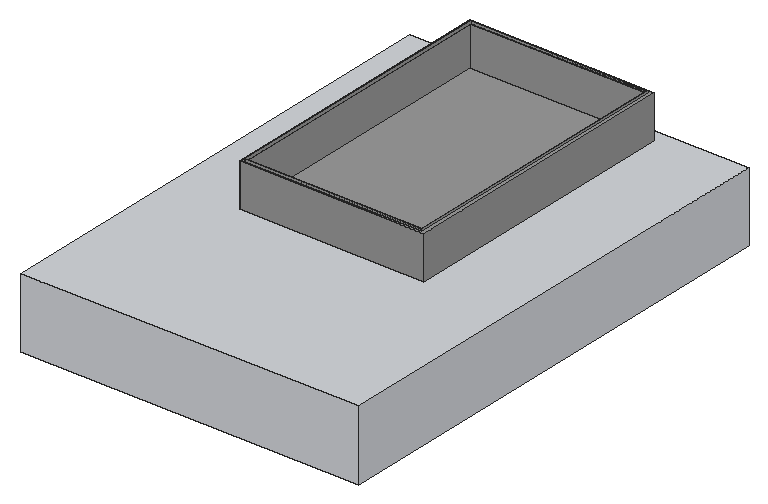
Revit family "Hager-Univers-IP30-D205-H1250-Cl.II-Encl-CH-en", category Equipement électrique, Revit 2020
Family settings
  Hôte = Face
  Configuration du panneau = Deux colonnes, circuits au sein
  Cote de connecteur circulaire = Utiliser le diamètre
  Type d'élément = Tableau de raccordement
  Couper avec des vides une fois chargée = Non
  Partagée = Non
  Point de calcul de pièce = Non
Parameters (values of type "Surface mounted (plaster) IP30 W800 H1250 D205  - FP83Q1S")
  Width Control [instance] = if([EF000008 - Width] > Min Width, [EF000008 - Width], Min Width)  # 800 mm
  Commentaires du type = [HG000003 - Range]  # "Univers"
  Thickness Door [instance] = if([EF009171 - Material plate thickness door/cover] > 3 mm, 3 mm, [EF009171 - Material plate thickness door/cover])  # 1 mm
  Seal Frame Offset [instance] = 17 mm  # constant formula
  Plinth Visibility [instance] = [HG000027 - Plinth height] > 0 mm  # no
  Model = ""
  Min Width [instance] = 100 mm  # constant formula
  Min Height [instance] = 100 mm  # constant formula
  Min Depth [instance] = (2 * [EF009170 - Material plate thickness cabinet]) + 1 mm  # 3 mm
  Internal Frame Depth [instance] = (Door System Depth * 0.5)  # 9 mm
  Height Control [instance] = if([EF000040 - Height] > Min Height, [EF000040 - Height], Min Height)  # 1250 mm
  HG000027 - Plinth height = 0 mm
  HG000026 - Floor standing = no
  HG000024 - Bottom section height = 800 mm
  HG000023 - Double section enclosure = no
  HG000016 - Door 3d visibility [instance] = yes
  HG000015 - Clearance visibility [instance] = no
  HG000014 - Door on the right [instance] = yes
  HG000013 - Door on the left [instance] = not([HG000014 - Door on the right])  # no
  HG000012 - Door swing angle [instance] = 30.00°
  HG000010 - Asymmetric doors = no
  HG000009 - Double swing door = no
  HG000006 - Flush mounted = no
  HG000004 - Manufacturer reference = "FP83Q1S"
  HG000003 - Range = "Univers"
  HG000002 - With door or cover = no
  Frame Offset Bottom [instance] = 10 mm  # constant formula
  Frame Offset [instance] = 15 mm  # constant formula
  EF015940 - Cover with overpressure release = no
  EF011959 - Degree of protection (NEMA) = ""
  EF009554 - Number of openings for flange plates = 6
  EF009212 - Cover model = "EV009916 - With notch"
  EF009171 - Material plate thickness door/cover = 1 mm
  EF009170 - Material plate thickness cabinet = 1 mm
  Fabricant = "Hager"  # constant formula
  EF008873 - Nominal current (In) = 250 A
  EF007800 - Suitable for lightning protection = no
  EF006306 - With lock = no
  EF006244 - Transparent cover/door = no
  EF005474 - Degree of protection (IP) = "EV006410 - IP30"
  EF004464 - Type of door = "EV000494 - None"
  EF004427 - Number of modules = 288
  EF004293 - Impact strength = "EV006813 - IK07"
  EF003532 - Suitable for outdoor use = no
  EF002950 - Width in number of modular spacings = 36
  EF001613 - Circuit integrity = "EV000494 - None"
  EF001596 - Material housing = "EV000179 - Steel"
  EF001131 - Internal depth = 130 mm
  EF001088 - Extension possible = yes
  EF000437 - Number of conduit inlets = 6
  EF000339 - Type of cover = "EV000494 - None"
  EF000266 - Number of rows = 8
  EF000218 - Built-in depth = 0 mm
  EF000118 - With mounting plate = no
  EF000116 - RAL-number = "9010"
  EF000049 - Depth = 205 mm
  EF000040 - Height = 1250 mm
  EF000008 - Width = 800 mm
  EF000007 - Colour = "EV000202 - White"
  EF000003 - Mounting method = "EV000384 - Surface mounted (plaster)"
  Door System Leaf Tolerance [instance] = 1.5 mm  # constant formula
  Door System Depth [instance] = 18 mm  # constant formula
  Door Height [instance] = Height Control - [HG000027 - Plinth height]  # 1250 mm
  Depth Control [instance] = if([EF000049 - Depth] > Min Depth, [EF000049 - Depth], Min Depth)  # 205 mm
  Default Elevation = 0 mm
  Connector Offset [instance] = Height Control / 2  # 625 mm
  Bottom Top Plate Trim [instance] = 1.5 mm  # constant formula
  Plinth height Ctrl [instance] = if([HG000027 - Plinth height] > 0 mm, [HG000027 - Plinth height], 12 mm)  # 12 mm
Types (5, lengths in mm): name | Width Control | HG000004 - Manufacturer reference | EF009554 - Number of openings for flange plates | EF004427 - Number of modules | EF002950 - Width in number of modular spacings | EF000437 - Number of conduit inlets | EF000008 - Width
  Surface mounted (plaster) IP30 W1050 H1250 D205  - FP84Q1S | 1050 | "FP84Q1S" | 8 | 384 | 48 | 8 | 1050
  Surface mounted (plaster) IP30 W1300 H1250 D205  - FP85Q1S | 1300 | "FP85Q1S" | 10 | 480 | 60 | 10 | 1300
  Surface mounted (plaster) IP30 W300 H1250 D205  - FP81Q1S | 300 | "FP81Q1S" | 2 | 96 | 12 | 2 | 300
  Surface mounted (plaster) IP30 W550 H1250 D205  - FP82Q1S | 550 | "FP82Q1S" | 4 | 192 | 24 | 4 | 550
  Surface mounted (plaster) IP30 W800 H1250 D205  - FP83Q1S | 800 | "FP83Q1S" | 6 | 288 | 36 | 6 | 800
Reference planes
  plane 1 "Center (Front/Back)": y = 0
  plane 2: z = 0
  plane 3 "Center (Left/Right)": x = 0
  plane 4: z = 205
  plane 5: y = 1
  plane 6: y = 625
  plane 7: y = 0
  plane 8: y = 1250
  plane 9: z = 0
  plane 10: x = -385
  plane 11: x = 385
  plane 12: x = 384
  plane 13: x = -384
  plane 14: y = 1249
  plane 15: x = -383
  plane 16: x = -400
  plane 17: x = 383
  plane 18: x = 400
  plane 19: x = 399
  plane 20: x = -399
  plane 21: y = 11
  plane 22: y = 1250
  plane 23: y = 1234
  plane 24: z = 187
  plane 25: z = 1
  plane 26: z = 186
  plane 27: z = 204
Forms (mm)
  Extrusion 1, solid
    sketch origin (0, 0, 0) x (1, 0, 0) y (0, 1, 0)
      loop
        line (-702.964, 1305) -> (-702.964, -811.445) -> (766.763, -811.445) -> (766.763, 1305) -> (-702.964, 1305)
    from 0 to -304.8
  Extrusion 2, solid, material "Hager_Steel_RAL7035_Light_Grey", visible <- "Plinth Visibility", detail levels medium+fine
    sketch origin (0, 0, 0) x (1, 0, 0) y (0, 1, 0)
      loop
        line (-400, 0) -> (400, 0) -> (400, 12) -> (-400, 12) -> (-400, 0)
    from 0 to 187
  Extrusion 3, solid, material "Hager_Steel_RAL7035_Light_Grey", detail levels medium+fine
    sketch origin (0, 0, 0) x (1, 0, 0) y (0, 1, 0)
      loop
        line (-400, 0) -> (400, 0) -> (400, 1250) -> (-400, 1250) -> (-400, 0)
    from 0 to 187
  Extrusion 4, void
    sketch origin (0, 0, 0) x (1, 0, 0) y (0, 1, 0)
      loop
        line (-399, 1) -> (399, 1) -> (399, 1249) -> (-399, 1249) -> (-399, 1)
    from 1 to 186
  Extrusion 5, void
    sketch origin (-381.607, -4572, 187) x (0, -1, 0) y (-1, 0, 0)
      loop
        line (-4583, 2.393) -> (-5806, 2.393) -> (-5806, -765.607) -> (-4583, -765.607) -> (-4583, 2.393)
    from 0 to 1 <- "EF009170 - Material plate thickness cabinet"
  Extrusion 6, solid, material "Hager_Steel_RAL7035_Light_Grey", detail levels fine
    sketch origin (0, 0, 187) x (1, 0, 0) y (0, 1, 0)
      loop
        line (-384, 1234) -> (-384, 11) -> (384, 11) -> (384, 1234) -> (-384, 1234)
      loop
        line (-385, 10) -> (385, 10) -> (385, 1235) -> (-385, 1235) -> (-385, 10)
    from 0 to 9 <- "Internal Frame Depth"
  Extrusion 7, solid, material "Hager_Steel_RAL7035_Light_Grey", detail levels coarse
    sketch origin (0, 0, 0) x (1, 0, 0) y (0, 1, 0)
      loop
        line (-400, 0) -> (400, 0) -> (400, 1250) -> (-400, 1250) -> (-400, 0)
    from 0 to 205
  Sweep 8, void
    path in 3D
      loop
        line (-400, 12, 0) -> (400, 12, 0) -> (400, 12, 187) -> (-400, 12, 187) -> (-400, 12, 0)
    profile origin (-400, 12, 93.5) x (-1, 0, 0) y (0, -1, 0)
      loop
        line (0, 0) -> (0, 1.5) -> (-1.5, 1.5)
        arc (-1.5, 1.5) -> (-1.061, 0.439) -> (0, 0) r 1.5
Cuts and joins
  Extrusion 4, Extrusion 5 cuts Extrusion 3
  Sweep 8 cuts Extrusion 2
Lines and regions (mm)
  Masking region 1
    outline origin (0, 0, 0) x (1, 0, 0) y (0, 0, 1)
      loop
        line (-400, 205) -> (-400, 0) -> (400, 0) -> (400, 205) -> (-400, 205)
  Masking region 2, detail levels medium+fine
    outline origin (0, 140, 0) x (0, 1, 0) y (0, 0, 1)
      loop
        line (-140, 0) -> (1110, 0) -> (1110, 187) -> (-140, 187) -> (-140, 0)
  Masking region 3, not visible, detail levels medium+fine
    outline origin (0, 297.922, 0) x (0, 1, 0) y (0, 0, 1)
      loop
        line (338.578, 0) -> (378.578, 0) -> (378.578, 194)
        arc (378.578, 194) -> (375.649, 201.071) -> (368.578, 204) r 10
        line (368.578, 204) -> (338.578, 204) -> (338.578, 0)
  Masking region 4, detail levels coarse
    outline origin (0, 0, 180) x (0, 1, 0) y (0, 0, 1)
      loop
        line (0, -180) -> (1250, -180) -> (1250, 25) -> (0, 25) -> (0, -180)
  Masking region 5, visible <- "Plinth Visibility", detail levels medium+fine
    outline origin (0, 52.24, 12.345) x (0, 0, -1) y (0, 1, 0)
      loop
        line (10.845, -40.24) -> (-173.155, -40.24)
        arc (-173.155, -40.24) -> (-173.594, -41.301) -> (-174.655, -41.74) r 1.5
        line (-174.655, -41.74) -> (-174.655, -52.24) -> (12.345, -52.24) -> (12.345, -41.74)
        arc (12.345, -41.74) -> (11.285, -41.301) -> (10.845, -40.24) r 1.5
  Masking region 6, detail levels medium+fine
    outline origin (-381.607, -4572, 187) x (-1, 0, 0) y (0, -1, 0)
      loop
        line (18.393, -5822) -> (18.393, -4572) -> (-781.607, -4572) -> (-781.607, -5822) -> (18.393, -5822)
  Masking region 7, visible <- "Plinth Visibility", detail levels medium+fine
    outline origin (-381.607, -4727, 187) x (-1, 0, 0) y (0, -1, 0)
      loop
        arc (16.893, -4739) -> (17.332, -4737.939) -> (18.393, -4737.5) r 1.5
        line (18.393, -4737.5) -> (18.393, -4727) -> (-781.607, -4727) -> (-781.607, -4737.5)
        arc (-781.607, -4737.5) -> (-780.546, -4737.939) -> (-780.107, -4739) r 1.5
        line (-780.107, -4739) -> (16.893, -4739)
  Masking region 8, detail levels coarse
    outline origin (-442.548, -4669.526, 187) x (-1, 0, 0) y (0, -1, 0)
      loop
        line (-42.548, -5919.526) -> (-42.548, -4669.526) -> (-842.548, -4669.526) -> (-842.548, -5919.526) -> (-42.548, -5919.526)
  sketch lines
    curve 1: line (-400, 12, 187) -> (-400, 12, 0)
    curve 2: line (400, 12, 187) -> (-400, 12, 187)
    curve 3: line (400, 12, 187) -> (400, 12, 0)
    curve 4: line (-400, 12, 0) -> (400, 12, 0)
Dimensions and locks
  "Depth Control": plane 4 to Extrusion 1
  "HG000027 - Plinth height": plane 1 "Center (Front/Back)" to plane 7
  "EF009170 - Material plate thickness cabinet": plane 5 to plane 7
  locked: connector elem to plane 3 "Center (Left/Right)"
  equal spacing: plane 8, plane 6, plane 7
  locked: connector elem to plane 6
  "EF009170 - Material plate thickness cabinet": plane 8 to plane 14
  "EF009170 - Material plate thickness cabinet": plane 10 to plane 13
  "EF009170 - Material plate thickness cabinet": plane 12 to plane 11
  "Frame Offset": plane 20 to plane 13
  "Frame Offset": plane 12 to plane 19
  "EF009170 - Material plate thickness cabinet": plane 16 to plane 20
  "EF009170 - Material plate thickness cabinet": plane 19 to plane 18
  "Seal Frame Offset": plane 16 to plane 15
  "Seal Frame Offset": plane 17 to plane 18
  "Frame Offset Bottom": plane 21 to plane 5
  "Frame Offset": plane 14 to plane 23
  equal spacing: plane 16, plane 3 "Center (Left/Right)", plane 18
  "Width Control": plane 16 to plane 18
  "EF009170 - Material plate thickness cabinet": plane 4 to plane 27
  "EF009170 - Material plate thickness cabinet": plane 24 to plane 26
  "EF009170 - Material plate thickness cabinet": plane 25 to level
  "Door System Depth": plane 4 to plane 24
  "Height Control": plane 1 "Center (Front/Back)" to Extrusion 7 sketch curve
  "Height Control": Masking region 4 sketch curve to plane 1 "Center (Front/Back)"
  "Height Control": plane 1 "Center (Front/Back)" to plane 22
  "Bottom Top Plate Trim": profile plane to Sweep 8 sketch curve
  "Bottom Top Plate Trim": Sweep 8 sketch curve to profile plane
  "Plinth height Ctrl": plane 1 "Center (Front/Back)" to Extrusion 2 sketch curve
  "Plinth height Ctrl": Masking region 5 sketch curve to plane 1 "Center (Front/Back)"
  "Plinth height Ctrl": plane 1 "Center (Front/Back)" to Masking region 7 sketch curve
  "Thickness Door": Extrusion 6 sketch curve to Extrusion 6 sketch curve  (x3)
  "Thickness Door": cut or joined group of Extrusion 3, Extrusion 4, Extrusion 5 to Extrusion 6 sketch curve
  radius of Masking region 3 sketch curve = 10 mm
  "Bottom Top Plate Trim": radius of Masking region 5 sketch curve  (x2)
  "Bottom Top Plate Trim": radius of Sweep 8 sketch curve
  "Bottom Top Plate Trim": radius of Masking region 7 sketch curve  (x2)
  aligned and locked: plane 2 to Extrusion 1
  aligned and locked: level to Extrusion 1
  aligned and locked: level to Masking region 1 sketch curve
  aligned and locked: Masking region 1 sketch curve to plane 18
  aligned and locked: Masking region 1 sketch curve to plane 16
  aligned and locked: plane 7 to Masking region 2 sketch curve
  aligned and locked: level to Masking region 3 sketch curve
  aligned and locked: Masking region 3 sketch curve to plane 27
  aligned and locked: level to Masking region 2 sketch curve
  aligned and locked: plane 1 "Center (Front/Back)" to Extrusion 2 sketch curve
  aligned and locked: Extrusion 3 sketch curve to plane 7
  aligned and locked: plane 16 to Extrusion 3 sketch curve
  aligned and locked: plane 18 to Extrusion 3 sketch curve
  aligned and locked: plane 20 to Extrusion 4 sketch curve
  aligned and locked: plane 19 to Extrusion 4 sketch curve
  aligned and locked: Extrusion 4 sketch curve to plane 5
  aligned and locked: Extrusion 4 to plane 25
  aligned and locked: plane 26 to Extrusion 4
  aligned and locked: plane 24 to Extrusion 3
  aligned and locked: Extrusion 5 sketch curve to plane 21
  aligned and locked: Extrusion 5 sketch curve to plane 13
  aligned and locked: Extrusion 5 sketch curve to plane 12
  aligned and locked: plane 18 to Extrusion 7 sketch curve
  aligned and locked: plane 1 "Center (Front/Back)" to Extrusion 7 sketch curve
  aligned and locked: plane 16 to Extrusion 7 sketch curve
  aligned and locked: plane 4 to Extrusion 7
  aligned and locked: Extrusion 7 to level
  aligned and locked: level to Masking region 4 sketch curve
  aligned and locked: Masking region 4 sketch curve to plane 1 "Center (Front/Back)"
  aligned and locked: Masking region 4 sketch curve to plane 4
  aligned and locked: nested 1 to level
  aligned and locked: nested 1 to plane 16
  aligned and locked: plane 8 to Extrusion 3 sketch curve
  aligned and locked: plane 23 to Extrusion 5 sketch curve
  aligned and locked: plane 14 to Extrusion 4 sketch curve
  aligned and locked: Masking region 2 sketch curve to plane 8
  aligned and locked: level to Masking region 5 sketch curve
  aligned and locked: plane 16 to Extrusion 2 sketch curve
  aligned and locked: plane 18 to Extrusion 2 sketch curve
  aligned and locked: Masking region 5 sketch curve to plane 24
  aligned and locked: Masking region 2 sketch curve to plane 24
  aligned and locked: plane 24 to Extrusion 2
  aligned and locked: profile plane to Sweep 8 sketch curve  (x2)
  aligned and locked: Masking region 6 sketch curve to plane 18
  aligned and locked: Masking region 6 sketch curve to plane 22
  aligned and locked: Masking region 6 sketch curve to plane 16
  aligned and locked: plane 8 to plane 22
  aligned and locked: Masking region 6 sketch curve to plane 7
  aligned and locked: Masking region 7 sketch curve to plane 16
  aligned and locked: Masking region 7 sketch curve to plane 1 "Center (Front/Back)"
  aligned and locked: Masking region 7 sketch curve to plane 18
  aligned and locked: Masking region 8 sketch curve to plane 1 "Center (Front/Back)"
  aligned and locked: Masking region 8 sketch curve to plane 18
  aligned and locked: Masking region 8 sketch curve to plane 22
  aligned and locked: Masking region 8 sketch curve to plane 16
  aligned and locked: nested 2 to plane 7
  aligned and locked: plane 3 "Center (Left/Right)" to nested 2
  aligned and locked: nested 2 to plane 24
  aligned and locked: Extrusion 6 sketch curve to cut or joined group of Extrusion 3, Extrusion 4, Extrusion 5  (x4)
Automatic sketch dimensions
  Extrusion 1 sketch curve to Extrusion 1 sketch curve = 1469.727 mm
  Extrusion 1 sketch curve to Extrusion 1 sketch curve = 2116.445 mm
  Masking region 1 sketch curve to plane 4 = 0 mm
  plane 6 to Masking region 3 sketch curve = 11.5 mm
  Masking region 3 sketch curve to Masking region 3 sketch curve = 30 mm
  Masking region 5 sketch curve to plane 1 "Center (Front/Back)" = 0 mm
Nested families
  nested 1: "Hager_Enclosure_Symbol" at (-400, 0, 0) x (1, 0, 0) z (0, -1, 0), Height <- "Depth Control", Width <- "Width Control", type "Hager_Enclosure_Symbol"
    with Width_Ctrl 800 mm, Width 800 mm, Height_Ctrl 205 mm, Height 205 mm, A_Width_Int 13.453 mm, A_Width 161.438 mm, A_Height_Ctrl 179.375 mm, A_Height 179.375 mm
  nested 2: "EC000058_Univers_Door" at (0, 0, 187) x (1, 0, 0) z (0, 1, 0), Leaf_Tolerance <- "Door System Leaf Tolerance", Angle <- "HG000012 - Door swing angle", Door_Depth <- "Door System Depth", Door_Left <- "HG000013 - Door on the left", Transparent <- "EF006244 - Transparent cover/door", Assymetrical <- "HG000010 - Asymmetric doors", Width <- "Width Control", Clearance <- "HG000015 - Clearance visibility", Double <- "HG000009 - Double swing door", 3d_Door <- "HG000016 - Door 3d visibility", Lock_Visibility <- "EF006306 - With lock", Width_Ctrl <- "Width Control", Door_Right <- "HG000014 - Door on the right", Door <- "HG000002 - With door or cover", Height <- "Door Height", Thickness <- "Thickness Door", type "EC000058_Univers_Door", detail levels medium+fine
    with min_wh 3 mm, Width_Ctrl 800 mm, Width 800 mm, Transparent no, Thickness 1 mm, Seal_Material Hager_Rubber, Lock_Visibility no, Lock_Material Hager_Plastic_RAL9005_Jet_Black, Leaf_Width 800 mm, Leaf_Tolerance_External_Sides 0 mm, Leaf_Tolerance 1.5 mm, Leaf_Offset 0 mm, Leaf_Height 1247 mm, Leaf_2_Width 800 mm, Leaf_2_Offset 400 mm, Leaf_1_Width 800 mm, Leaf_1_Offset 400 mm, Height_Ctrl 1250 mm, Height 1250 mm, Glass_Material Hager_Glass, Double_Clearance_Ctrl no, Double no, Door_Right_Ctrl no, Door_Right yes, Door_Material Hager_Steel_RAL7035_Light_Grey, Door_Left_Ctrl no, Door_Left no, Door_Depth 18 mm, Door no, Clearance_Material Hager_Clearance, Clearance_Depth 800 mm, Clearance_Ctrl no, Clearance no, Assymetrical no, Angle 30.00°, 3d_Door yes
Connectors
  electrical at (0, 625, 0)
    settings: on plane 9, index 1, voltage 0 V, apparent load 0 VA, apparent load phase1 0 VA, apparent load phase2 0 VA, apparent load phase3 0 VA, power factor 1, load classification "Other", number of poles 1, system type 30, power factor state 1, is connector primary yes, connector utility no, sub classification motor no, connector description ""
Definition of nested family "Hager_Enclosure_Symbol"
  Parameters (values of type "Hager_Enclosure_Symbol")
    Width_Ctrl [instance] = if(Width > 1 mm, Width, 1 mm)  # 102.27 mm
    Width [instance] = 102.27 mm
    Height_Ctrl [instance] = if(Height > 1 mm, Height, 1 mm)  # 66.5 mm
    A_Width_Int [instance] = if(A_Width / 12 > 2 mm, A_Width / 12, 2 mm)  # 4.364 mm
    A_Width [instance] = if(A_Height_Ctrl * 0.9 > 2 mm, A_Height_Ctrl * 0.9, 2 mm)  # 52.369 mm
    A_Height_Ctrl [instance] = if(A_Height > 2 mm, A_Height, 2 mm)  # 58.188 mm
    Height [instance] = 66.5 mm
    A_Height [instance] = Height - (Height / 8)  # 58.188 mm
  Reference planes
    plane 1 "Centre (avant/arrière)": y = 0
    plane 2: z = 0
    plane 3 "Centre (gauche/droite)": x = 0
    plane 4: x = 52.369
    plane 5: y = 33.042
    plane 6: y = 41.77
    plane 7: y = 66.5
    plane 8: x = 26.184
    plane 9: y = 37.406
    plane 10: x = 102.27
    plane 11: y = 66.5
    plane 12: y = 8.313
  Lines and regions (mm)
    Filled region 1, type "Solid_Black", in view "Niveau de réf."
      outline origin (0, 0, 0) x (1, 0, 0) y (0, 1, 0)
        loop
          line (52.369, 66.5) -> (33.188, 54.536) -> (45.365, 45.006) -> (52.369, 66.5)
    Filled region 2, type "Solid_Black", in view "Niveau de réf."
      outline origin (0, 0, 0) x (1, 0, 0) y (0, 1, 0)
        loop
          line (0, 0) -> (102.27, 0) -> (102.27, 66.5) -> (0, 0)
    detail lines, in view "Niveau de réf."
      curve 1: line (0, 8.313, 0) -> (26.184, 41.77, 0)
      curve 2: line (26.184, 41.77, 0) -> (26.184, 33.042, 0)
      curve 3: line (26.184, 33.042, 0) -> (52.369, 66.5, 0)
  Dimensions and locks
    "A_Width": plane 3 "Centre (gauche/droite)" to plane 4
    equal spacing: plane 3 "Centre (gauche/droite)", plane 8, plane 4
    equal spacing: plane 6, plane 9, plane 5
    equal spacing: curve 3, Filled region 1 sketch curve, Filled region 1 sketch curve
    "Height_Ctrl": plane 1 "Centre (avant/arrière)" to plane 11
    "A_Height_Ctrl": plane 11 to plane 12
    equal spacing: plane 11, plane 9, plane 12
    "A_Width_Int": plane 6 to plane 9
    "Width_Ctrl": plane 3 "Centre (gauche/droite)" to plane 10
    angle Filled region 1 sketch curve to curve 3 = 20.00°
    angle curve 3 to Filled region 1 sketch curve = 20.00°
    locked: curve 3 to Filled region 1 sketch curve (angle 90.00°)
    aligned and locked: plane 10 to Filled region 2
    aligned and locked: plane 11 to Filled region 2 sketch curve
    aligned and locked: plane 10 to Filled region 2 sketch curve
    aligned and locked: plane 3 "Centre (gauche/droite)" to curve 1
    aligned and locked: plane 12 to curve 1
    aligned and locked: plane 7 to plane 11
  Automatic sketch dimensions
    Filled region 1 sketch curve to plane 4 = 0 mm
    Filled region 1 sketch curve to plane 7 = 0 mm
    plane 1 "Centre (avant/arrière)" to Filled region 2 sketch curve = 0 mm
    Filled region 2 sketch curve to plane 3 "Centre (gauche/droite)" = 0 mm
    curve 2 to plane 6 = 0 mm
    curve 2 to plane 8 = 0 mm
    curve 3 to plane 4 = 0 mm
    curve 2 to plane 5 = 0 mm
    curve 3 to plane 7 = 0 mm
Definition of nested family "EC000058_Univers_Door"
  Parameters (values of type "EC000058_Univers_Door")
    min_wh [instance] = (2 * Thickness) + 1 mm  # 11 mm
    Width_Ctrl [instance] = 400 mm
    Width [instance] = 500 mm
    Transparent [instance] = yes
    Thickness [instance] = 5 mm
    Seal_Material [instance] = none
    Lock_Visibility [instance] = yes
    Lock_Material [instance] = none
    Leaf_Width [instance] = if((Width_Ctrl - 2 * Leaf_Tolerance_External_Sides) > 0 mm, (Width_Ctrl - 2 * Leaf_Tolerance_External_Sides), min_wh)  # 400 mm
    Leaf_Tolerance_External_Sides [instance] = 0 mm  # constant formula
    Leaf_Tolerance [instance] = 1.5 mm
    Leaf_Offset [instance] = 0 mm  # constant formula
    Leaf_Height [instance] = if((Height_Ctrl - 2 * Leaf_Tolerance) > 0 mm, (Height_Ctrl - 2 * Leaf_Tolerance), min_wh)  # 497 mm
    Leaf_2_Width [instance] = if(and(and(Double, Assymetrical), Door_Left), (Leaf_Width / 3) - (Leaf_Tolerance / 2), if(and(and(Double, Assymetrical), Door_Right), (Leaf_Width / 3) * 2 - (Leaf_Tolerance / 2), if(and(Double, not(Assymetrical)), (Leaf_Width / 2) - Leaf_Tolerance, Leaf_Width)))  # 400 mm
    Leaf_2_Offset [instance] = if(and(Double, Assymetrical), Leaf_2_Width / 2, if(and(Double, not(Assymetrical)), Leaf_Width / 4, Leaf_Width / 2))  # 200 mm
    Leaf_1_Width [instance] = if(and(and(Double, Assymetrical), Door_Right), (Leaf_Width / 3) - (Leaf_Tolerance / 2), if(and(and(Double, Assymetrical), Door_Left), (Width / 3) * 2 - (Leaf_Tolerance / 2), if(and(Double, not(Assymetrical)), (Leaf_Width / 2) - Leaf_Tolerance, Leaf_Width)))  # 400 mm
    Leaf_1_Offset [instance] = if(and(Double, Assymetrical), Leaf_1_Width / 2, if(and(Double, not(Assymetrical)), Leaf_Width / 4, Leaf_Width / 2))  # 200 mm
    Height_Ctrl [instance] = if(Height > min_wh, Height, min_wh)  # 500 mm
    Height [instance] = 500 mm
    Glass_Material [instance] = none
    Double_Clearance_Ctrl [instance] = and(Double, Clearance)  # no
    Double [instance] = no
    Door_Right_Ctrl [instance] = and(or(Door_Right, Double), Door)  # yes
    Door_Right [instance] = yes
    Door_Material [instance] = none
    Door_Left_Ctrl [instance] = and(or(Door_Left, Double), Door)  # no
    Door_Left [instance] = no
    Door_Depth [instance] = 30 mm
    Door [instance] = yes
    Default Elevation = 1219.2 mm
    Clearance_Material [instance] = none
    Clearance_Depth [instance] = if(Leaf_1_Width > Leaf_2_Width, Leaf_1_Width, Leaf_2_Width)  # 400 mm
    Clearance_Ctrl [instance] = and(not(Double), Clearance)  # yes
    Clearance [instance] = yes
    Assymetrical [instance] = yes
    Angle [instance] = 30.00°
    3d_Door [instance] = yes
  Reference planes
    plane 1 "Center (Front/Back)": y = 0
    plane 2 "Bottom": z = 0
    plane 3 "Center (Left/Right)": x = 0
    plane 4: z = 500
    plane 5: x = -200
    plane 6: x = 200
    plane 7: z = 500
    plane 8: x = -200
    plane 9: z = 0
    plane 10: x = 200
    plane 11: y = 0
    plane 12: z = 1.5
    plane 13: x = -600
    plane 14: y = -400
    plane 15: x = 600
    plane 16: x = 0
    plane 17: x = 0
    plane 18: x = -200
    plane 19: x = 200
    plane 20: z = 498.5
  Forms (mm)
    Extrusion 1, solid, material <- "Clearance_Material", visible <- "Double_Clearance_Ctrl"
      sketch origin (1200, 0, 0) x (1, 0, 0) y (0, 0, -1)
        loop
          line (-1800, -498.5) -> (-600, -498.5) -> (-600, 0) -> (-1800, 0) -> (-1800, -498.5)
      from 0 to -400
  Dimensions and locks
    equal spacing: plane 5, plane 3 "Center (Left/Right)", plane 6
    "Width_Ctrl": plane 5 to plane 6
    "Leaf_Offset": plane 5 to plane 8
    "Leaf_Offset": plane 6 to plane 10
    "Leaf_Offset": plane 9 to level
    "Leaf_Offset": plane 4 to plane 7
    "Height_Ctrl": plane 4 to level
    "Leaf_Tolerance": plane 12 to plane 9
    locked: plane 11 to plane 1 "Center (Front/Back)"
    "Leaf_1_Offset": plane 18 to plane 16
    "Leaf_2_Offset": plane 17 to plane 19
    "Leaf_1_Width": plane 13 to plane 8
    "Leaf_2_Width": plane 10 to plane 15
    "Clearance_Depth": plane 14 to plane 1 "Center (Front/Back)"
    "Leaf_Tolerance_External_Sides": plane 8 to plane 18
    "Leaf_Tolerance_External_Sides": plane 19 to plane 10
    "Leaf_Tolerance": plane 7 to plane 20
    aligned and locked: level to plane 2 "Bottom"
    aligned and locked: nested 1 to plane 16
    aligned and locked: nested 2 to plane 17
    aligned and locked: Extrusion 1 to plane 13
    aligned and locked: plane 15 to Extrusion 1
    aligned and locked: Extrusion 1 to plane 14
    aligned and locked: plane 12 to nested 1
    aligned and locked: nested 2 to plane 12
    aligned and locked: Extrusion 1 to plane 11
    aligned and locked: plane 20 to Extrusion 1
    aligned and locked: nested 2 to plane 11
    aligned and locked: nested 1 to plane 11
  Automatic sketch dimensions
    Extrusion 1 sketch curve to level = 0 mm
    plane 5 to Extrusion 1 sketch curve = 400 mm
    plane 6 to Extrusion 1 sketch curve = 400 mm
    Extrusion 1 sketch curve to plane 4 = 1.5 mm
  Nested families
    nested 1: "EC000058_Univers_Door_Leaf" at (0, 0, 1.5), Width <- "Leaf_1_Width", visible <- "Door_Left_Ctrl", Leaf_Height <- "Leaf_Height", Angle <- "Angle", 3d_Door <- "3d_Door", Transparent <- "Transparent", Clearance Material <- "Clearance_Material", Clearance <- "Clearance_Ctrl", Door_Material <- "Door_Material", Glass_Material <- "Glass_Material", Door_Depth <- "Door_Depth", Lock_Material <- "Lock_Material", Seal_Material <- "Seal_Material", Lock_Visibility <- "Lock_Visibility", Thickness <- "Thickness", type "EC000058_Univers_Door_Leaf"
      with Width 400 mm, Transparent_Glass_Offset 30 mm, Transparent_Ctrl yes, Transparent yes, Thickness 5 mm, Standard no, Seal_Material none, Seal_D2 8 mm, Seal_D1 1 mm, Offset_Internal_Frame 10 mm, Lock_Width 20 mm, Lock_Visibility_3d yes, Lock_Visibility yes, Lock_Thickness_3 3 mm, Lock_Thickness_2 1 mm, Lock_Thickness_1 3 mm, Lock_Radius_Offset_2 16 mm, Lock_Radius_Offset_1 15 mm, Lock_Radius_2 5 mm, Lock_Radius 6 mm, Lock_Offset 5 mm, Lock_Material none, Lock_Height 80 mm, Lock_Cover_Top_Offset_2d 17 mm, Lock_Cover_Height -65 mm, Leaf_Height 497 mm, Internal_Seal_Thickness 8 mm, Internal_Seal_Depth_2 4.5 mm, Internal_Frame_Depth 25 mm, Glass_Thickness -1 mm, Glass_Offset -2 mm, Glass_Material none, Door_Material none, Door_Depth 30 mm, Clearance Material none, Clearance yes, Angle_Ctrl 30.00°, Angle 30.00°, 3d_Door yes
    nested 2: "EC000058_Univers_Door_Leaf" at (0, 0, 1.5) x (-1, 0, 0) z (0, 0, 1), Width <- "Leaf_2_Width", visible <- "Door_Right_Ctrl", Leaf_Height <- "Leaf_Height", Angle <- "Angle", 3d_Door <- "3d_Door", Transparent <- "Transparent", Clearance Material <- "Clearance_Material", Clearance <- "Clearance_Ctrl", Door_Material <- "Door_Material", Glass_Material <- "Glass_Material", Door_Depth <- "Door_Depth", Lock_Material <- "Lock_Material", Seal_Material <- "Seal_Material", Lock_Visibility <- "Lock_Visibility", Thickness <- "Thickness", type "EC000058_Univers_Door_Leaf"
      with Width 400 mm, Transparent_Glass_Offset 30 mm, Transparent_Ctrl yes, Transparent yes, Thickness 5 mm, Standard no, Seal_Material none, Seal_D2 8 mm, Seal_D1 1 mm, Offset_Internal_Frame 10 mm, Lock_Width 20 mm, Lock_Visibility_3d yes, Lock_Visibility yes, Lock_Thickness_3 3 mm, Lock_Thickness_2 1 mm, Lock_Thickness_1 3 mm, Lock_Radius_Offset_2 16 mm, Lock_Radius_Offset_1 15 mm, Lock_Radius_2 5 mm, Lock_Radius 6 mm, Lock_Offset 5 mm, Lock_Material none, Lock_Height 80 mm, Lock_Cover_Top_Offset_2d 17 mm, Lock_Cover_Height -65 mm, Leaf_Height 497 mm, Internal_Seal_Thickness 8 mm, Internal_Seal_Depth_2 4.5 mm, Internal_Frame_Depth 25 mm, Glass_Thickness -1 mm, Glass_Offset -2 mm, Glass_Material none, Door_Material none, Door_Depth 30 mm, Clearance Material none, Clearance yes, Angle_Ctrl 30.00°, Angle 30.00°, 3d_Door yes
  Definition of nested family "EC000058_Univers_Door_Leaf"
    Parameters (values of type "EC000058_Univers_Door_Leaf")
      Width [instance] = 2000 mm
      Transparent_Glass_Offset [instance] = 30 mm
      Transparent_Ctrl [instance] = and(Transparent, [3d_Door])  # yes
      Transparent [instance] = yes
      Thickness [instance] = 5 mm
      Standard [instance] = and(not(Transparent), [3d_Door])  # no
      Seal_Material [instance] = none
      Seal_D2 [instance] = 8 mm  # constant formula
      Seal_D1 [instance] = 1 mm  # constant formula
      Offset_Internal_Frame [instance] = 10 mm  # constant formula
      Lock_Width [instance] = 20 mm  # constant formula
      Lock_Visibility_3d [instance] = and(Lock_Visibility, [3d_Door])  # yes
      Lock_Visibility [instance] = yes
      Lock_Thickness_3 [instance] = 3 mm  # constant formula
      Lock_Thickness_2 [instance] = 1 mm  # constant formula
      Lock_Thickness_1 [instance] = 3 mm  # constant formula
      Lock_Radius_Offset_2 [instance] = Lock_Radius_Offset_1 + 1 mm  # 16 mm
      Lock_Radius_Offset_1 [instance] = 15 mm  # constant formula
      Lock_Radius_2 [instance] = Lock_Radius - 1 mm  # 5 mm
      Lock_Radius [instance] = 6 mm  # constant formula
      Lock_Offset [instance] = 5 mm  # constant formula
      Lock_Material [instance] = none
      Lock_Height [instance] = 80 mm  # constant formula
      Lock_Cover_Top_Offset_2d [instance] = Lock_Radius_Offset_2 + 1 mm  # 17 mm
      Lock_Cover_Height [instance] = -(Lock_Height - Lock_Radius_Offset_1)  # -65 mm
      Leaf_Height [instance] = 2720.336 mm
      Internal_Seal_Thickness [instance] = 8 mm  # constant formula
      Internal_Seal_Depth_2 [instance] = 4.5 mm  # constant formula
      Internal_Frame_Depth [instance] = if(Door_Depth - Thickness > 5 mm, Door_Depth - Thickness, 5 mm)  # 25 mm
      Glass_Thickness [instance] = if(Thickness > 15 mm, Glass_Offset + 10 mm, -1 mm)  # -1 mm
      Glass_Offset [instance] = if(Thickness > 15 mm, -(Thickness + 10 mm) / 2, -2 mm)  # -2 mm
      Glass_Material [instance] = none
      Door_Material [instance] = none
      Door_Depth [instance] = 30 mm
      Default Elevation = 0 mm
      Clearance Material [instance] = none
      Clearance [instance] = yes
      Angle_Ctrl [instance] = if(Angle > 180.00°, 180.00°, Angle)  # 90.00°
      Angle [instance] = 90.00°
      3d_Door [instance] = yes
    Reference planes
      plane 1 "Center (Front/Back)": y = 0
      plane 2: z = 0
      plane 3 "Center (Left/Right)": x = 0
      plane 4: y = 2000
      plane 5: x = -1000
      plane 6: x = 1000
      plane 7: x = -3000
      plane 8: z = 2720.336
      plane 9: z = 30
      plane 10: z = 2690.336
      plane 11: x = 970
      plane 12: x = -970
      plane 13: y = -3
      plane 14: z = 107.833
      plane 15: y = -5
      plane 16: y = -223.314
      plane 17: x = -1000
      plane 18: z = 1360.168
      plane 19: y = 30
    Forms (mm)
      Extrusion 1, solid, material <- "Clearance Material", visible <- "Clearance"
        sketch origin (0, 0, 0) x (1, 0, 0) y (0, 0, 1)
          loop
            line (-3000, 2720.336) -> (-3000, 0) -> (1000, 0) -> (1000, 2720.336) -> (-3000, 2720.336)
        from 0 to -2000
      Extrusion 2, solid, material <- "Door_Material", visible <- "Standard", detail levels medium+fine
        sketch origin (-1000, 0, 0) x (0, 1, 0) y (-1, 0, 0)
          loop
            line (0, 30) -> (0, 25) -> (2000, 25) -> (2000, 30) -> (0, 30)
        from 0 to 2720.336 <- "Leaf_Height"
      Extrusion 3, solid, material <- "Door_Material", visible <- "Transparent_Ctrl", detail levels medium+fine
        sketch origin (-1000, 0, 0) x (0, 1, 0) y (-1, 0, 0)
          loop
            line (0, 25) -> (2000, 25) -> (2000, 30) -> (0, 30) -> (0, 25)
        from 0 to 2720.336 <- "Leaf_Height"
      Extrusion 4, void
        sketch origin (-1025, 2000, 0) x (0, 1, 0) y (0, 0, -1)
          loop
            line (-30, -2690.336) -> (-30, -30) -> (-1970, -30) -> (-1970, -2690.336) -> (-30, -2690.336)
        from 0 to 5 <- "Thickness"
      Sweep 5, solid, material <- "Seal_Material", visible <- "Transparent_Ctrl", detail levels fine
        path in 3D
          loop
            line (-1025, 30, 30) -> (-1025, 30, 2690.336) -> (-1025, 1970, 2690.336) -> (-1025, 1970, 30) -> (-1025, 30, 30)
        profile origin (-1025, 1000, 30) x (1, 0, 0) y (0, 0, 1)
          loop
            line (0, 0) -> (0, -8) -> (1, -8) -> (1, 0) -> (0, 0)
      Extrusion 6, solid, material <- "Glass_Material", visible <- "Transparent_Ctrl", detail levels medium+fine
        sketch origin (-1030, 0, 0) x (0, 1, 0) y (0, 0, -1)
          loop
            line (1970, -2690.336) -> (1970, -30) -> (30, -30) -> (30, -2690.336) -> (1970, -2690.336)
        from -2 <- "Glass_Offset" to -1 <- "Glass_Thickness"
      Extrusion 7, solid, material <- "Door_Material", visible <- "3d_Door", detail levels medium+fine
        sketch origin (-1025, 2000, 0) x (0, -1, 0) y (0, 0, -1)
          loop
            line (0, -2720.336) -> (2000, -2720.336) -> (2000, 0) -> (0, 0) -> (0, -2720.336)
          loop
            line (1995, -5) -> (5, -5) -> (5, -2715.336) -> (1995, -2715.336) -> (1995, -5)
        from 0 to 25 <- "Internal_Frame_Depth"
      Sweep 8, solid, material <- "Seal_Material", visible <- "Transparent_Ctrl", detail levels fine
        path in 3D
          loop
            line (-1025, 0, 0) -> (-1025, 2000, 0) -> (-1025, 2000, 2720.336) -> (-1025, 0, 2720.336) -> (-1025, 0, 0)
        profile origin (-1025, 0, 1360.168) x (1, 0, 0) y (0, 1, 0)
          loop
            line (0, 10) -> (2.975, 10)
            arc (2.975, 10) -> (4.053, 10.447) -> (4.5, 11.525) r 1.525
            line (4.5, 11.525) -> (4.5, 16.527)
            arc (4.5, 16.527) -> (4.069, 17.569) -> (3.027, 18) r 1.473
            line (3.027, 18) -> (0, 18) -> (0, 10)
      Extrusion 9, solid, material <- "Lock_Material", visible <- "Lock_Visibility_3d", detail levels fine
        sketch origin (-1030, 0, 0) x (0, 1, 0) y (0, 0, -1)
          loop
            arc (1993.5, -1400.168) -> (1994.561, -1399.729) -> (1995, -1398.668) r 1.5
            line (1995, -1398.668) -> (1995, -1320.168) -> (1975, -1320.168) -> (1975, -1398.668)
            arc (1975, -1398.668) -> (1975.439, -1399.729) -> (1976.5, -1400.168) r 1.5
            line (1976.5, -1400.168) -> (1993.5, -1400.168)
        from 3 <- "Lock_Thickness_1" to 0
      Blend 10, solid, material <- "Lock_Material", visible <- "Lock_Visibility_3d", detail levels fine
        base sketch origin (-1033, 0, 0) x (0, 1, 0) y (0, 0, -1)
          loop
            line (1975, -1320.168) -> (1975, -1398.668)
            arc (1975, -1398.668) -> (1975.439, -1399.729) -> (1976.5, -1400.168) r 1.5
            line (1976.5, -1400.168) -> (1993.5, -1400.168)
            arc (1993.5, -1400.168) -> (1994.561, -1399.729) -> (1995, -1398.668) r 1.5
            line (1995, -1398.668) -> (1995, -1320.168) -> (1975, -1320.168)
        top sketch origin (-1033, 0, 0) x (0, 1, 0) y (0, 0, -1)
          loop
            line (1976, -1320.168) -> (1976, -1398.668)
            arc (1976, -1398.668) -> (1976.146, -1399.022) -> (1976.5, -1399.168) r 0.5
            line (1976.5, -1399.168) -> (1993.5, -1399.168)
            arc (1993.5, -1399.168) -> (1993.854, -1399.022) -> (1994, -1398.668) r 0.5
            line (1994, -1398.668) -> (1994, -1320.168) -> (1976, -1320.168)
        from 0 to 1 <- "Lock_Thickness_2"
      Blend 11, solid, material <- "Lock_Material", visible <- "Lock_Visibility_3d", detail levels fine
        base sketch origin (-1034, 0, 0) x (0, 1, 0) y (0, 0, -1)
          loop
            line (1978, -1320.168) -> (1978, -1384.168)
            arc (1978, -1384.168) -> (1985, -1391.168) -> (1992, -1384.168) r 7
            line (1992, -1384.168) -> (1992, -1320.168) -> (1978, -1320.168)
        top sketch origin (-1034, 0, 0) x (0, 1, 0) y (0, 0, -1)
          loop
            line (1991, -1320.168) -> (1979, -1320.168) -> (1979, -1383.168)
            arc (1979, -1383.168) -> (1985, -1389.168) -> (1991, -1383.168) r 6
            line (1991, -1383.168) -> (1991, -1320.168)
        from 0 to 3 <- "Lock_Thickness_3"
      Extrusion 12, solid, material <- "Lock_Material", visible <- "Lock_Visibility_3d", detail levels fine
        sketch origin (-1030, 1975, 1320.168) x (1, 0, 0) y (0, -1, 0)
          loop
            line (-7, -19) -> (-7, -1) -> (0, -1) -> (0, 0) -> (-8, 0) -> (-8, -20) -> (0, -20) -> (0, -19) -> (-7, -19)
        from 0 to -65 <- "Lock_Cover_Height"
      Extrusion 13, void
        sketch origin (-1038, 1995, 1320.168) x (-1, 0, 0) y (0, 0, -1)
          loop
            line (-5, -65) -> (0, -65) -> (-5, -60) -> (-5, -65)
        from 0 to 20 <- "Lock_Width"
      Extrusion 14, void
        sketch origin (-1038, 1975, 1320.168) x (0, -1, 0) y (0, 0, -1)
          loop
            circle (-10, -15.995) r 6
          loop
            circle (-10, -15.995) r 5
        from 0 to 2
      Extrusion 15, solid, material <- "Lock_Material", visible <- "Lock_Visibility_3d", detail levels medium
        sketch origin (-1030, 0, 0) x (0, 1, 0) y (0, 0, -1)
          loop
            arc (1993.5, -1400.168) -> (1994.561, -1399.729) -> (1995, -1398.668) r 1.5
            line (1995, -1398.668) -> (1995, -1320.168) -> (1975, -1320.168) -> (1975, -1398.668)
            arc (1975, -1398.668) -> (1975.439, -1399.729) -> (1976.5, -1400.168) r 1.5
            line (1976.5, -1400.168) -> (1993.5, -1400.168)
        from 8 to 0
    Cuts and joins
      Extrusion 4 cuts Extrusion 3
      Extrusion 13, Extrusion 14 cuts Extrusion 9
      Extrusion 14 cuts Blend 11
      Extrusion 13, Extrusion 14 cuts Extrusion 12
      joined: Extrusion 9, Blend 10, Blend 11, Extrusion 12
      Extrusion 14 cuts Extrusion 15
    Lines and regions (mm)
      Masking region 1, visible <- "Lock_Visibility", detail levels fine
        outline origin (0, 0, 0) x (0, 1, 0) y (0, 0, 1)
          loop
            line (30, 1320.168) -> (33, 1320.168) -> (33, 1400.168) -> (30, 1400.168) -> (30, 1320.168)
      Masking region 2, visible <- "Lock_Visibility", detail levels fine
        outline origin (0, 3.143, 0) x (0, 1, 0) y (0, 0, 1)
          loop
            line (29.857, 1354.168) -> (30.857, 1354.168) -> (30.857, 1366.168) -> (29.857, 1366.168) -> (29.857, 1354.168)
      Masking region 3, detail levels medium+fine
        outline origin (0, 0, 0) x (0, 1, 0) y (0, 0, 1)
          loop
            line (0, 0) -> (30, 0) -> (30, 2720.336) -> (0, 2720.336) -> (0, 0)
      Masking region 4, detail levels medium+fine
        outline origin (0, 0, 0) x (1, 0, 0) y (0, 0, 1)
          loop
            line (-1000, 2720.336) -> (-1000, 0) -> (1000, 0) -> (1000, 2720.336) -> (-1000, 2720.336)
      Masking region 5, visible <- "Lock_Visibility", detail levels fine
        outline origin (-47.116, 0, 0) x (1, 0, 0) y (0, 0, 1)
          loop
            arc (1024.616, 1399.168) -> (1023.556, 1398.729) -> (1023.116, 1397.668) r 1.5
            line (1023.116, 1397.668) -> (1023.116, 1320.168) -> (1041.116, 1320.168) -> (1041.116, 1397.668)
            arc (1041.116, 1397.668) -> (1040.677, 1398.729) -> (1039.616, 1399.168) r 1.5
            line (1039.616, 1399.168) -> (1024.616, 1399.168)
      Masking region 6, visible <- "Lock_Visibility", detail levels medium+fine
        outline origin (-25, 0, 0) x (1, 0, 0) y (0, 0, 1)
          loop
            arc (1001.5, 1400.168) -> (1000.439, 1399.729) -> (1000, 1398.668) r 1.5
            line (1000, 1398.668) -> (1000, 1320.168) -> (1020, 1320.168) -> (1020, 1398.668)
            arc (1020, 1398.668) -> (1019.561, 1399.729) -> (1018.5, 1400.168) r 1.5
            line (1018.5, 1400.168) -> (1001.5, 1400.168)
      Masking region 7, visible <- "Lock_Visibility", detail levels fine
        outline origin (-73.735, 0, 0) x (1, 0, 0) y (0, 0, 1)
          loop
            line (1051.735, 1382.168) -> (1065.735, 1382.168) -> (1065.735, 1384.168)
            arc (1065.735, 1384.168) -> (1058.735, 1391.168) -> (1051.735, 1384.168) r 7
            line (1051.735, 1384.168) -> (1051.735, 1382.168)
      Masking region 8, visible <- "Lock_Visibility", detail levels fine
        outline origin (-73.735, 0, 0) x (1, 0, 0) y (0, 0, 1)
          loop
            line (1052.735, 1382.168) -> (1064.735, 1382.168) -> (1064.735, 1383.168)
            arc (1064.735, 1383.168) -> (1058.735, 1389.168) -> (1052.735, 1383.168) r 6
            line (1052.735, 1383.168) -> (1052.735, 1382.168)
      Masking region 9, visible <- "Lock_Visibility", detail levels fine
        outline origin (-25, 0, 0) x (1, 0, 0) y (0, 0, 1)
          loop
            line (1020, 1320.168) -> (1020, 1382.168) -> (1000, 1382.168) -> (1000, 1320.168) -> (1020, 1320.168)
      Masking region 10, detail levels medium+fine
        outline origin (0, 0, 0) x (1, 0, 0) y (0, 0, 1)
          loop
            circle (985, 1335.144) r 6
      Masking region 11, detail levels fine
        outline origin (0, 0, 0) x (1, 0, 0) y (0, 0, 1)
          loop
            circle (985, 1335.144) r 5
      Masking region 12, visible <- "Lock_Visibility", detail levels fine
        outline origin (0, 12.767, 0) x (0, 1, 0) y (0, 0, 1)
          loop
            line (20.233, 1320.168) -> (21.233, 1320.168) -> (21.233, 1399.168) -> (20.233, 1400.168) -> (20.233, 1320.168)
      Masking region 13, visible <- "Lock_Visibility", detail levels fine
        outline origin (0, 13.767, -10) x (0, 1, 0) y (0, 0, 1)
          loop
            line (20.233, 1330.168) -> (23.233, 1330.168) -> (23.233, 1399.168) -> (20.233, 1402.168) -> (20.233, 1330.168)
      Masking region 14, visible <- "Lock_Visibility", detail levels fine
        outline origin (0, 12.767, -10) x (0, 1, 0) y (0, 0, 1)
          loop
            line (20.233, 1330.168) -> (25.233, 1330.168) -> (25.233, 1399.305) -> (20.233, 1394.305) -> (20.233, 1330.168)
      Masking region 15, visible <- "Lock_Visibility", detail levels medium
        outline origin (0, 0, 0) x (0, 1, 0) y (0, 0, 1)
          loop
            line (30, 1320.168) -> (38, 1320.168) -> (38, 1400.168) -> (30, 1400.168) -> (30, 1320.168)
      Masking region 16, visible <- "Lock_Visibility", detail levels fine
        outline origin (-1000, 0, 0) x (0, 1, 0) y (-1, 0, 0)
          loop
            line (1975, 30) -> (1995, 30) -> (1995, 38) -> (1975, 38) -> (1975, 30)
          loop
            line (1979, 37) -> (1976, 37) -> (1976, 34) -> (1978, 34) -> (1979, 37)
          loop
            line (1994, 37) -> (1991, 37) -> (1992, 34) -> (1994, 34) -> (1994, 37)
      Masking region 17, visible <- "Lock_Visibility", detail levels medium
        outline origin (-1000, 0, 0) x (0, 1, 0) y (-1, 0, 0)
          loop
            line (1975, 30) -> (1995, 30) -> (1995, 38) -> (1975, 38) -> (1975, 30)
      symbolic lines
        curve 1: line (1000, 0, 0) -> (-3000, 0, 0)
        curve 2: arc (1000, 0, 0) -> (-1000, 2000, 0) -> (-3000, 0, 0) r 2000
        curve 4: line (-1030, 0, 0) -> (-1030, 2000, 0)
      reference lines
        curve 3: line (-1000, 0, 0) -> (-1000, 2000, 0)
      symbolic lines, detail levels medium+fine
        curve 5: line (-1030, 2000, 0) -> (-1025, 2000, 0)
        curve 7: line (-1025, 0, 0) -> (-1030, 0, 0)
        curve 8: line (-1025, 0, 0) -> (-1000, 0, 0)
        curve 9: line (-1000, 0, 0) -> (-1000, 2000, 0)
        curve 10: line (-1000, 2000, 0) -> (-1025, 2000, 0)
      symbolic lines, detail levels fine
        curve 6: line (-1025, 2000, 0) -> (-1025, 0, 0)
      sketch lines
        curve 11: line (-1025, 0, 2720.336) -> (-1025, 0, 0)
        curve 12: line (-1025, 2000, 0) -> (-1025, 0, 0)
        curve 13: line (-1025, 2000, 2720.336) -> (-1025, 2000, 0)
        curve 14: line (-1025, 0, 2720.336) -> (-1025, 2000, 2720.336)
        curve 15: line (-1025, 1970, 30) -> (-1025, 30, 30)
        curve 16: line (-1025, 30, 30) -> (-1025, 30, 2690.336)
        curve 17: line (-1025, 1970, 2690.336) -> (-1025, 1970, 30)
        curve 18: line (-1025, 30, 2690.336) -> (-1025, 1970, 2690.336)
      symbolic lines, visible <- "Transparent", detail levels medium+fine
        curve 19: line (-970, 0, 2690.336) -> (970, 0, 2690.336)
        curve 20: line (-970, 0, 30) -> (-970, 0, 2690.336)
        curve 21: line (970, 0, 30) -> (-970, 0, 30)
        curve 22: line (970, 0, 2690.336) -> (970, 0, 30)
    Dimensions and locks
      "Width": plane 1 "Center (Front/Back)" to plane 4
      equal spacing: plane 5, plane 3 "Center (Left/Right)", plane 6
      "Width": plane 5 to plane 6
      "Width": plane 7 to plane 5
      "Leaf_Height": plane 8 to level
      "Width": curve 5 to curve 3
      "Width": curve 3 to curve 3
      plane 8 to plane 10 = 30 mm
      plane 9 to level = 30 mm
      plane 12 to plane 5 = 30 mm
      plane 6 to plane 11 = 30 mm
      Extrusion 1 to Extrusion 4 sketch curve = 30 mm
      "Transparent_Glass_Offset": curve 3 to Extrusion 4 sketch curve
      "Transparent_Glass_Offset": Extrusion 4 sketch curve to cut or joined group of Extrusion 3, Extrusion 4  (x2)
      cut or joined group of Extrusion 3, Extrusion 4 to Extrusion 6 sketch curve = 30 mm
      "Transparent_Glass_Offset": cut or joined group of Extrusion 3, Extrusion 4 to Extrusion 4 sketch curve
      "Thickness": curve 6 to curve 4
      "Thickness": Extrusion 7 sketch curve to Extrusion 7 sketch curve  (x4)
      "Door_Depth": curve 4 to curve 3
      "Offset_Internal_Frame": profile plane to Sweep 8 sketch curve
      "Internal_Seal_Thickness": Sweep 8 sketch curve to Sweep 8 sketch curve
      "Internal_Seal_Depth_2": profile plane to Sweep 8 sketch curve
      "Seal_D1": profile plane to Sweep 5 sketch curve
      "Seal_D2": profile plane to Sweep 5 sketch curve
      "Thickness": Extrusion 2 sketch curve to Extrusion 2 sketch curve
      equal spacing: Extrusion 9 sketch curve, plane 18, Extrusion 9 sketch curve  (x2)
      equal spacing: Masking region 1 sketch curve, plane 18, Masking region 1 sketch curve
      "Lock_Height": Masking region 1 sketch curve to Masking region 1 sketch curve
      "Lock_Radius": Masking region 2 sketch curve to plane 18 to Masking region 2 sketch curve
      Masking region 2 sketch curve to Masking region 1 = 1 mm
      "Door_Depth": plane 19 to plane 1 "Center (Front/Back)"
      "Lock_Thickness_1": Masking region 1 sketch curve to plane 19
      "Lock_Width": Extrusion 9 sketch curve to Extrusion 9 sketch curve
      "Lock_Height": Extrusion 9 sketch curve to Extrusion 9 sketch curve
      "Lock_Offset": cut or joined group of Extrusion 3, Extrusion 4 to Extrusion 9 sketch curve
      equal spacing: plane 8, plane 18, level
      "Lock_Radius_Offset_1": Blend 11 sketch curve to Blend 10
      locked: Blend 10 to Blend 11 sketch curve at 2  (x2)
      locked: var sketch to Blend 11 sketch curve at 1  (x2)
      "Lock_Radius_Offset_2": Blend 11 sketch curve to Blend 10
      locked: Extrusion 12 sketch curve to Extrusion 12 sketch curve at 1  (x3)
      Masking region 6 sketch curve to Masking region 6 sketch curve = 80 mm
      "Lock_Height": Masking region 6 sketch curve to Masking region 6 sketch curve
      "Lock_Width": Masking region 6 sketch curve to Masking region 6 sketch curve
      locked: Masking region 6 to Masking region 5 sketch curve at 1  (x3)
      locked: Masking region 5 to Masking region 7 sketch curve at 2  (x2)
      "Lock_Radius_Offset_1": Masking region 5 to Masking region 7 sketch curve
      "Lock_Radius_Offset_2": Masking region 5 to Masking region 8 sketch curve
      locked: Masking region 7 to Masking region 8 sketch curve at 1  (x2)
      "Lock_Cover_Top_Offset_2d": Masking region 5 to Masking region 9 sketch curve
      equal spacing: Masking region 9, Masking region 10 sketch curve, Masking region 9
      equal spacing: Masking region 9, Masking region 11 sketch curve, Masking region 9
      Extrusion 15 sketch curve to Extrusion 15 sketch curve = 80 mm
      "Lock_Width": Extrusion 15 sketch curve to Extrusion 15 sketch curve
      "Lock_Height": Extrusion 15 sketch curve to Extrusion 15 sketch curve
      equal spacing: Extrusion 15 sketch curve, plane 18, Extrusion 15 sketch curve
      "Lock_Thickness_3": Masking region 13 sketch curve to Masking region 13 sketch curve
      "Lock_Height": Masking region 12 sketch curve to Masking region 12 sketch curve
      locked: Masking region 13 sketch curve to Masking region 1 at 8
      locked: Masking region 14 sketch curve to Masking region 13 at 1
      locked: Masking region 14 sketch curve to Masking region 1 at 10.863
      "Lock_Height": Masking region 15 sketch curve to Masking region 15 sketch curve
      "Lock_Offset": Extrusion 15 sketch curve to cut or joined group of Extrusion 3, Extrusion 4
      "Lock_Offset": plane 6 to Masking region 6 sketch curve
      radius of Sweep 8 sketch curve = 1.525 mm
      radius of Sweep 8 sketch curve = 1.473 mm
      radius of Extrusion 9 sketch curve = 1.5 mm  (x2)
      "Lock_Radius": radius of Extrusion 14 sketch curve
      "Lock_Radius_2": radius of Extrusion 14 sketch curve
      "Lock_Radius": radius of Masking region 10 sketch curve
      "Lock_Radius_2": radius of Masking region 11 sketch curve
      radius of Extrusion 15 sketch curve = 1.5 mm  (x2)
      "Angle_Ctrl": angle plane 1 "Center (Front/Back)" to curve 3
      locked: Masking region 12 sketch curve to Masking region 12 sketch curve (angle 45.00°)
      locked: Masking region 13 sketch curve to Masking region 13 sketch curve (angle 45.00°)
      locked: Masking region 14 sketch curve to Masking region 14 sketch curve (angle 45.00°)
      aligned and locked: level to plane 2
      aligned and locked: Extrusion 1 to curve 1
      aligned and locked: plane 6 to Extrusion 1
      aligned and locked: Extrusion 1 to plane 1 "Center (Front/Back)"
      aligned and locked: plane 4 to Extrusion 1
      aligned and locked: plane 8 to Extrusion 1
      aligned and locked: curve 7 to Extrusion 2 sketch curve
      aligned and locked: curve 5 to Extrusion 2 sketch curve
      aligned and locked: curve 7 to Extrusion 3 sketch curve
      aligned and locked: Extrusion 3 sketch curve to curve 4
      aligned and locked: Extrusion 3 sketch curve to curve 6
      aligned and locked: Extrusion 3 sketch curve to curve 5
      aligned and locked: curve 9 to curve 3
      aligned and locked: Extrusion 7 sketch curve to cut or joined group of Extrusion 3, Extrusion 4  (x4)
      aligned and locked: plane 17 to curve 3
      aligned and locked: plane 1 "Center (Front/Back)" to curve 3
      aligned and locked: plane 17 to plane 5
      aligned and locked: Sweep 8 sketch curve to profile plane
      aligned and locked: Sweep 5 sketch curve to profile plane  (x2)
      aligned and locked: Masking region 1 to Masking region 2 sketch curve
      aligned and locked: plane 19 to Masking region 1 sketch curve
      aligned and locked: plane 1 "Center (Front/Back)" to Masking region 3 sketch curve
      aligned and locked: plane 19 to Masking region 3 sketch curve
      aligned and locked: level to Masking region 3 sketch curve
      aligned and locked: Masking region 3 sketch curve to plane 8
      aligned and locked: plane 17 to Masking region 4 sketch curve
      aligned and locked: level to Masking region 4 sketch curve
      aligned and locked: Masking region 4 sketch curve to plane 8
      aligned and locked: plane 12 to curve 20
      aligned and locked: plane 10 to curve 19
      aligned and locked: plane 11 to curve 22
      aligned and locked: curve 21 to plane 9
      aligned and locked: Extrusion 2 sketch curve to cut or joined group of Extrusion 3, Extrusion 4
      aligned and locked: Blend 10 sketch curve to Extrusion 9  (x4)
      aligned and locked: Extrusion 9 to Blend 10 sketch curve
      aligned and locked: Blend 10 to Blend 11 sketch curve
      aligned and locked: Extrusion 12 sketch curve to Blend 11
      aligned and locked: Extrusion 12 sketch curve to Extrusion 9  (x4)
      aligned and locked: Masking region 5 sketch curve to Masking region 6
      aligned and locked: Masking region 9 sketch curve to Masking region 6  (x3)
      aligned and locked: Masking region 12 sketch curve to Masking region 1
      aligned and locked: Masking region 13 sketch curve to Masking region 1
      aligned and locked: Masking region 12 to Masking region 14
      aligned and locked: Masking region 14 sketch curve to Masking region 1
      aligned and locked: Masking region 15 sketch curve to Masking region 14
      aligned and locked: Masking region 13 sketch curve to Masking region 12
      aligned and locked: Masking region 16 sketch curve to cut or joined group of Extrusion 14, Extrusion 15  (x4)
      aligned and locked: Masking region 16 sketch curve to cut or joined group of Extrusion 9, Blend 10, Blend 11, Extrusion 12, Extrusion 13, Extrusion 14  (x6)
      aligned and locked: cut or joined group of Extrusion 9, Blend 10, Blend 11, Extrusion 12, Extrusion 13, Extrusion 14 to Masking region 16 sketch curve
      aligned and locked: Masking region 17 sketch curve to cut or joined group of Extrusion 14, Extrusion 15  (x3)
      aligned and locked: Masking region 17 sketch curve to cut or joined group of Extrusion 9, Blend 10, Blend 11, Extrusion 12, Extrusion 13, Extrusion 14
      aligned and locked: Masking region 9 to Masking region 8 sketch curve
      aligned and locked: Masking region 9 to Masking region 7 sketch curve
    Automatic sketch dimensions
      plane 1 "Center (Front/Back)" to curve 2 = 0 mm
      curve 2 to plane 5 = 0 mm
      Extrusion 1 sketch curve to level = 0 mm
      Extrusion 1 sketch curve to plane 7 = 0 mm
      Extrusion 1 sketch curve to plane 6 = 0 mm
      Extrusion 1 sketch curve to plane 8 = 0 mm
      Extrusion 3 to Extrusion 6 sketch curve = 30 mm  (x4)
      Masking region 4 sketch curve to plane 6 = 0 mm
      Blend 10 sketch curve to Extrusion 9 = 1.5 mm
      Blend 10 sketch curve to Extrusion 9 = 1 mm
      Extrusion 13 sketch curve to Extrusion 12 = 0 mm  (x2)
      Extrusion 12 to Extrusion 13 sketch curve = 3 mm
      Extrusion 13 sketch curve to Extrusion 12 = 5 mm
      Extrusion 14 sketch curve to Extrusion 14 sketch curve = 0 mm  (x2)
      Extrusion 14 sketch curve to Extrusion 12 = 10 mm
      Extrusion 14 sketch curve to Extrusion 12 = 15.995 mm
      Masking region 5 sketch curve to Masking region 5 sketch curve = 1.5 mm  (x2)
      Masking region 10 sketch curve to plane 18 = 25.024 mm
      Masking region 11 sketch curve to plane 18 = 25.024 mm
      plane 19 to Masking region 14 sketch curve = 3 mm
      Masking region 16 sketch curve to Masking region 16 sketch curve = 3 mm
      curve 4 to curve 3 = 0 mm
      Blend 10 to Blend 11 sketch curve = 0 mm
      Masking region 6 sketch curve to Masking region 6 sketch curve = 1.5 mm  (x2)
      Masking region 6 sketch curve to plane 18 = 40 mm
      plane 19 to Masking region 12 sketch curve = 3 mm
      Masking region 12 sketch curve to Masking region 12 sketch curve = 1 mm
      Masking region 15 sketch curve to plane 19 = 0 mm
      Masking region 15 sketch curve to plane 18 = 40 mm
      radius of Blend 10 sketch curve to Extrusion 9 = 1 mm
